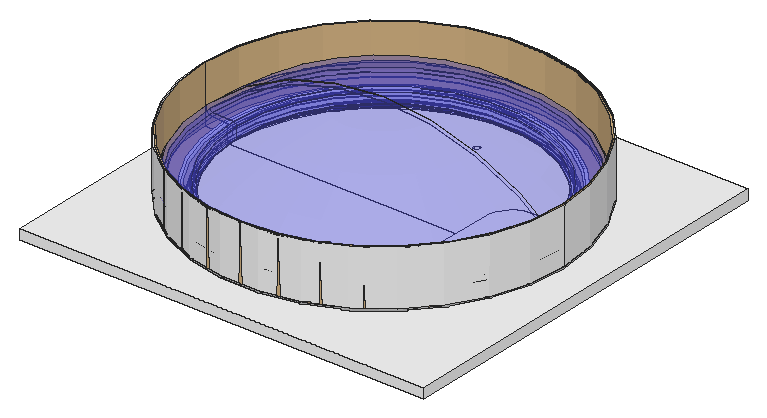
Revit family "BE_51078.4_de_DE", category Leuchten, Revit 2020
Family settings
  Basisbauteil = Fläche
  Bemaßung runder Anschluss = Durchmesser verwenden
  Teiletyp = Normal
  Beim Laden mit Abzugskörper schneiden = Ja
  Lichtquelle = Ja
  Gemeinsam genutzt = Nein
  Raumberechnungspunkt = Ja
Parameters (values of type "BEGA_51078.4_K3")
  built-in parameter 1150104 = 13.971 (stored number, unit not read)
  Wattage = 26.4 W
  Default Elevation = 0 mm
  built-in parameter 1150113 = 1 (stored number, unit not read)
  built-in parameter 1114218 = 1 (stored number, unit not read)
  Umgebungstemperatur = "25 °C"
  URL = "https://www.bega.com/de/produkt/51078.4"
  Typenkommentare = "© 2022 BEGA. Wir behalten uns das Recht vor, technische Änderungen ohne vorherige Ankündigung vorzunehmen."  # constant formula
  built-in parameter 1150134 = (empty or 0)
  built-in parameter 1150109 = 1 (stored number, unit not read)
  Strom = ""
  built-in parameter 1150110 = 1 (stored number, unit not read)
  Spannung = 239.996 V
  Sonderanfertigung = no
  Seriennummer [instance] = "Hier können Sie die eindeutige Seriennummer für das Facility Management eintragen."
  Schutzklasse = "I"
  Schutzart = "IP 20"
  Scheinlast = 0 VA
  Produktdatenblatt = "https://cdn.bega.com/bega/products/51078.4K3/current/documents/data-sheets/de"
  Oberflächentemperatur = ""
  Neigungswinkel = 0.00°
  Modell = "51078.4K3"
  Material_34 = BEGA_Oberfläche_Samtweiss_matt
  Material_31 = BEGA_Oberfläche_Messing_matt
  Material_14 = BEGA_Kunststoff_opal
  M_W = no
  M_G = no
  M_A = no
  Logo = 0
  built-in parameter 1114217 = 1 (stored number, unit not read)
  built-in parameter 1150139 = (empty or 0)
  built-in parameter 1150105 = 315.93 (stored number, unit not read)
  built-in parameter 1150114 = 1 (stored number, unit not read)
  Lumens = 3970.03 lm
  built-in parameter 1150115 = 1 (stored number, unit not read)
  Leuchtenlichtstrom = "2704 lm"
  Leuchtenanzahl = ""
  Lebensdauerkriterien = "L70B50 @ 25 °C = 195000 h"
  Lastklassifizierung = Beleuchtung
  built-in parameter 1150112 = 1 (stored number, unit not read)
  Lampenlichtstrom = "3970 lm"
  Lampe = "LED 26.4 W"
  LED_Modulbezeichnung = "LED-0510/930"
  Hersteller = "BEGA"  # constant formula
  Halbstreuwinkel = ""
  Gewicht = "2.35 kg"
  Gebrauchslageneinschränkung [instance] = ""
  Frequenz = "0/50-60 Hz"
  Farbwiedergabeindex = "CRI > 90"
  Farbtemperaturverschiebung bei Dämpfen der Lampe = <Keine Auswahl>
  Farbtemperatur = "3000 K"
  Color Filter = 16777215
  built-in parameter 1150133 = 10 (stored number, unit not read)
  Energieeffizienzklasse = "LED A++ - A"
  built-in parameter 1150137 = (empty or 0)
  built-in parameter 1150132 = (empty or 0)
  ENEC = ""
  Dimmbar [instance] = "DALI"
  Datei für fotometrisches Netz = "BE_51078-4K3.ies"
  CE_Konformität = "ja"
  Bestellnummer = "51078.4K3"
  Beschreibung_Sonderanfertigung = "Hier können Sie Informationen zur Sonderanfertigung eintragen."
  Beschreibung = "Deckenleuchte"
  built-in parameter 1150106 = 3.1593 (stored number, unit not read)
  Befestigungsbohrung = "Ø 5,5 mm"
  Befestigungsabstand = "230 mm"
  Ballwurfsicher = ""
  BEGA_Intern_aus = yes
  BEGA_Intern_an = yes
  BEGA_Intern_Konstruktion = yes
  BEGA_Intern = yes
  BEGA_IES = yes
  BEGA_Dummy = no
  Anschlussleitung = ""
  Anschlussleistung [instance] = "29.4 W"
  Anschlusskasten = ""
  built-in parameter 1150107 = 3000 (stored number, unit not read)
  built-in parameter 1150102 = (empty or 0)
  built-in parameter 1150138 = (empty or 0)
  Aktualisierung = "2022-12-16T04:00:04"
  Abstand_zur_angestrahlten_Fläche [instance] = ""
  AC/DC = "AC/DC"
Reference planes
  plane 1 "Mitte (Vorne/Hinten)": y = 0
  plane 2: z = 0
  plane 3 "Mitte (Links/Rechts)": x = 0
  plane 4 "Links": x = -179.192
  plane 5 "Rechts": x = 179.192
  plane 6 "Unten": y = -179.192
  plane 7 "Oben": y = 179.192
  plane 8 "Vorne": z = 99.046
  plane 9 "Hinten": z = 0
Forms (mm)
  Extrusion 1, solid, material "BEGA_Platte_Weiss"
    sketch origin (0, -1119.2, 0) x (1, 0, 0) y (0, 1, 0)
      loop
        line (-200, 1319.2) -> (-200, 919.2) -> (200, 919.2) -> (200, 1319.2) -> (-200, 1319.2)
    from 0 to -10
  Extrusion 2, solid, material "BEGA_Dummy_matt", visible <- "BEGA_Dummy"
    sketch origin (77.149, -76.023, 0) x (1, 0, 0) y (0, 1, 0)
      loop
        circle (-77.149, 76.023) r 179.192
    from 0 to 99.046
Dimensions and locks
  plane 1 "Mitte (Vorne/Hinten)" to Extrusion 1 = 200 mm
  aligned and locked: plane 2 to Extrusion 1
  aligned and locked: Extrusion 1 to level
Nested families
  nested 1: "BE_51078.4_Leuchte" at (0, 0, 0), type "BE_51078.4_Leuchte"
Connectors
  electrical at (0, 0, 0), driven by "Lastklassifizierung", driven by "Spannung", driven by "Scheinlast"
    settings: index 1, voltage 239.996 V, apparent load 0 VA, apparent load phase1 0 VA, apparent load phase2 0 VA, apparent load phase3 0 VA, power factor 1, load classification "Beleuchtung", number of poles 1, system type 31, power factor state 1, is connector primary yes, connector utility no, sub classification motor no, connector description ""
Definition of nested family "BE_51078.4_Leuchte"
  Parameters (values of type "BE_51078.4_Leuchte")
    Default Elevation = 1 mm
    URL = "http://www.bega.de/de/produkt"
    Type Comments = "© 2015 BEGA. Wir behalten uns das Recht vor, technische Änderungen ohne vorherige Ankündigung vorzunehmen. "  # constant formula
    Type Image = (empty or 0)
    Material_34 = none
    Material_31 = none
    Material_14 = none
    Länge_Platte = 200 mm  # constant formula
    Höhe_Platte = -10 mm  # constant formula
    Manufacturer = "BEGA"  # constant formula
    Breite_Platte = 200 mm  # constant formula
  Reference planes
    plane 1 "Mitte (Oben/Unten)": y = 0
    plane 2: z = 0
    plane 3 "Mitte (Links/Rechts)": x = 0
    plane 4: z = 99.046
    plane 5: z = 0
    plane 6: x = 179.192
    plane 7: x = -179.192
    plane 8: y = 179.192
    plane 9: y = -179.192
  Forms (mm)
    Extrusion 1, solid, detail levels medium
      sketch origin (0, 0, 0) x (1, 0, 0) y (0, 1, 0)
        loop
          line (-100, 100) -> (-100, -100) -> (100, -100) -> (100, 100) -> (-100, 100)
      from 0 to -10 <- "Höhe_Platte"
    Revolve 2, solid, material <- "Material_34"
      sketch origin (0, 0, 0) x (1, 0, 0) y (0, 0, 1)
        loop
          line (179.192, 66.993) -> (178.192, 66.997) -> (178.192, 11.994)
          arc (178.192, 11.994) -> (177.755, 10.939) -> (176.699, 10.501) r 1.493
          line (176.699, 10.501) -> (157.14, 10.501) -> (156.999, 2.422)
          arc (156.999, 2.422) -> (156.55, 1.414) -> (155.526, 1) r 1.474
          line (155.526, 1) -> (152, 1) -> (152, 0) -> (155.5, 0)
          arc (155.5, 0) -> (157.252, 0.717) -> (158, 2.456) r 2.5
          line (158, 2.456) -> (158.123, 9.5) -> (176.5, 9.5)
          arc (176.5, 9.5) -> (178.265, 10.229) -> (179, 11.991) r 2.5
          line (179, 11.991) -> (179.192, 66.993)
        axis (0, 0) -> (0, 66.997)
      angle from 0 to 360
    Revolve 3, solid, material <- "Material_34"
      sketch origin (0, 0, 0) x (1, 0, 0) y (0, 0, 1)
        loop
          arc (156.831, 21) -> (155.565, 20.486) -> (155.025, 19.231) r 1.8
          line (155.025, 19.231) -> (154.767, 4.483)
          arc (154.767, 4.483) -> (154.467, 3.786) -> (153.765, 3.5) r 1
          line (153.765, 3.5) -> (0, 3.5) -> (0, 2.5) -> (153.767, 2.5)
          arc (153.767, 2.5) -> (155.169, 3.073) -> (155.767, 4.465) r 2
          line (155.767, 4.465) -> (156.024, 19.214)
          arc (156.024, 19.214) -> (156.265, 19.772) -> (156.829, 20) r 0.8
          line (156.829, 20) -> (159, 20) -> (159, 21) -> (156.831, 21)
        axis (0, 2.5) -> (0, 21)
      angle from 0 to 360
    Extrusion 4, solid, material <- "Material_34"
      sketch origin (0, 0, 0) x (1, 0, 0) y (0, 1, 0)
        loop
          circle (0, 115) r 7.599
        loop
          circle (0, -115) r 7.599
      from 0 to 2.496
    Extrusion 5, void
      sketch origin (0, 0, 0) x (1, 0, 0) y (0, 1, 0)
        loop
          circle (0, 115) r 2.75
        loop
          circle (0, -115) r 2.75
      from 0 to 3.5
    Extrusion 6, solid, material <- "Material_34"
      sketch origin (0, 0, 0) x (1, 0, 0) y (0, 1, 0)
        loop
          arc (132.763, 31.165) -> (103.397, 51.798) -> (79.523, 25) r 26.977
          line (79.523, 25) -> (79.523, -25)
          arc (79.523, -25) -> (103.397, -51.798) -> (132.763, -31.165) r 26.977
          arc (132.763, -31.165) -> (136.372, 0) -> (132.763, 31.165) r 136.372
      from 0 to 10.372
    Extrusion 7, void
      sketch origin (0, 0, 0) x (1, 0, 0) y (0, 1, 0)
        loop
          circle (115, 20) r 5
        loop
          circle (115, -20) r 5
      from 0 to 10.378
    Revolve 8, solid, material <- "Material_14"
      sketch origin (0, 0, 0) x (1, 0, 0) y (0, 0, 1)
        loop
          line (0, 99) -> (0, 95.002)
          arc (0, 95.002) -> (91.349, 78.078) -> (170.572, 29.553) r 255
          arc (170.572, 29.553) -> (171.135, 27.446) -> (169.438, 26.077) r 2
          line (169.438, 26.077) -> (148.779, 24.994)
          arc (148.779, 24.994) -> (146.42, 24.057) -> (145.1, 21.889) r 4
          line (145.1, 21.889) -> (145.1, 11.674)
          arc (145.1, 11.674) -> (145.499, 10.179) -> (146.589, 9.081) r 3.001
          line (146.589, 9.081) -> (148.759, 7.828)
          arc (148.759, 7.828) -> (149.782, 6.844) -> (150.238, 5.5) r 3.001
          line (150.238, 5.5) -> (154.25, 5.5) -> (154.25, 8.816)
          arc (154.25, 8.816) -> (154.143, 9.216) -> (153.85, 9.509) r 0.8
          line (153.85, 9.509) -> (149.398, 12.079)
          arc (149.398, 12.079) -> (149.106, 12.374) -> (149, 12.775) r 0.8
          line (149, 12.775) -> (149, 17) -> (149, 20.051)
          arc (149, 20.051) -> (149.275, 20.739) -> (149.948, 21.05) r 1
          line (149.948, 21.05) -> (169.545, 22.077)
          arc (169.545, 22.077) -> (174.883, 26.053) -> (173.266, 32.51) r 6
          arc (173.266, 32.51) -> (92.793, 81.807) -> (0, 99) r 258.999
        axis (0, 5.5) -> (0, 99)
      angle from 0 to 360
    Revolve 9, solid, material <- "Material_31"
      sketch origin (0, 0, 0) x (1, 0, 0) y (0, 0, 1)
        loop
          line (178.194, 66.993) -> (177.194, 66.993) -> (177.194, 11.501) -> (156.157, 11.501) -> (155.991, 2) -> (152, 2) -> (152, 1) -> (155.577, 1)
          arc (155.577, 1) -> (156.582, 1.417) -> (156.999, 2.422) r 1.422
          line (156.999, 2.422) -> (157.14, 10.501) -> (176.699, 10.501)
          arc (176.699, 10.501) -> (177.756, 10.939) -> (178.194, 11.996) r 1.494
          line (178.194, 11.996) -> (178.194, 66.993)
        axis (0, 1) -> (0, 66.993)
      angle from 0 to 360
  Cuts and joins
    Extrusion 5, Extrusion 7 cuts Revolve 3
    Extrusion 5, Extrusion 7 cuts Extrusion 4
    Extrusion 7 cuts Extrusion 6
    joined: Revolve 3, Extrusion 4, Extrusion 6
  Dimensions and locks
    equal spacing: Extrusion 1 sketch curve, plane 3 "Mitte (Links/Rechts)", Extrusion 1 sketch curve
    equal spacing: Extrusion 1 sketch curve, plane 1 "Mitte (Oben/Unten)", Extrusion 1 sketch curve
    "Länge_Platte": Extrusion 1 sketch curve to Extrusion 1 sketch curve
    "Breite_Platte": Extrusion 1 sketch curve to Extrusion 1 sketch curve
    plane 1 "Mitte (Oben/Unten)" to Extrusion 1 = 100 mm  (x3)
    locked: plane 5 to level
    aligned and locked: plane 2 to Extrusion 1
    aligned and locked: level to Extrusion 1
  Automatic sketch dimensions
    Revolve 3 sketch curve to Revolve 3 sketch curve = 0 mm  (x12)
    Revolve 3 sketch curve to Revolve 3 sketch curve = 3.057 mm
    Revolve 3 sketch curve to Revolve 3 sketch curve = 0.004 mm
    Revolve 3 sketch curve to Revolve 3 sketch curve = 0.002 mm  (x2)
    Revolve 3 sketch curve to Revolve 3 sketch curve = 2.169 mm
    Revolve 3 sketch curve to Revolve 3 sketch curve = 14.7 mm
    Revolve 3 sketch curve to Revolve 3 sketch curve = 0.8 mm  (x2)
    Revolve 3 sketch curve to Revolve 3 sketch curve = 1 mm  (x4)
    Revolve 3 sketch curve to Revolve 3 sketch curve = 153.767 mm
    level to Revolve 3 sketch curve = 4.483 mm
    level to Revolve 3 sketch curve = 19.231 mm
    Revolve 3 sketch curve to Revolve 3 sketch curve = 1.8 mm
    level to Revolve 3 sketch curve = 4.465 mm
    level to Revolve 3 sketch curve = 19.214 mm
    Revolve 3 sketch curve to plane 3 "Mitte (Links/Rechts)" = 0 mm
    level to Revolve 3 sketch curve = 2.5 mm
    plane 1 "Mitte (Oben/Unten)" to Extrusion 6 sketch curve = 0 mm
    Extrusion 6 sketch curve to plane 3 "Mitte (Links/Rechts)" = 0 mm
    Extrusion 6 sketch curve to plane 1 "Mitte (Oben/Unten)" = 25 mm  (x2)
    plane 3 "Mitte (Links/Rechts)" to Extrusion 6 sketch curve = 106.5 mm
    Extrusion 6 sketch curve to Extrusion 6 sketch curve = 0 mm  (x2)
    plane 1 "Mitte (Oben/Unten)" to Extrusion 6 sketch curve = 25 mm  (x2)
    Extrusion 6 sketch curve to Extrusion 6 sketch curve = 26.977 mm
    Revolve 8 sketch curve to plane 3 "Mitte (Links/Rechts)" = 0.003 mm
    plane 3 "Mitte (Links/Rechts)" to Revolve 8 sketch curve = 0 mm
    level to Revolve 8 sketch curve = 28.069 mm
    Revolve 8 sketch curve to level = 159.999 mm
    Revolve 8 sketch curve to Revolve 8 sketch curve = 0.001 mm
    level to Revolve 8 sketch curve = 95.002 mm
    Revolve 8 sketch curve to Revolve 8 sketch curve = 0.314 mm
    Revolve 8 sketch curve to Revolve 8 sketch curve = 1.34 mm
    Revolve 8 sketch curve to Revolve 8 sketch curve = 2.694 mm
    Revolve 8 sketch curve to Revolve 8 sketch curve = 5.992 mm
    Revolve 8 sketch curve to Revolve 8 sketch curve = 0.003 mm
    Revolve 8 sketch curve to Revolve 8 sketch curve = 0.002 mm
    Revolve 8 sketch curve to Revolve 8 sketch curve = 0.207 mm
    Revolve 8 sketch curve to Revolve 8 sketch curve = 1.99 mm
    level to Revolve 8 sketch curve = 24.994 mm
    Revolve 8 sketch curve to Revolve 8 sketch curve = 20.659 mm
    level to Revolve 8 sketch curve = 21.05 mm
    Revolve 8 sketch curve to Revolve 8 sketch curve = 1.168 mm
    level to Revolve 8 sketch curve = 22.077 mm
    Revolve 8 sketch curve to Revolve 8 sketch curve = 0 mm  (x11)
    Revolve 8 sketch curve to Revolve 8 sketch curve = 0.948 mm
    Revolve 8 sketch curve to Revolve 8 sketch curve = 0.05 mm
    Revolve 8 sketch curve to Revolve 8 sketch curve = 3.9 mm  (x2)
    level to Revolve 8 sketch curve = 20.051 mm
    Revolve 8 sketch curve to Revolve 8 sketch curve = 1 mm
    level to Revolve 8 sketch curve = 17 mm
    Revolve 8 sketch curve to Revolve 8 sketch curve = 5.326 mm
    Revolve 8 sketch curve to Revolve 8 sketch curve = 0.8 mm  (x2)
    Revolve 8 sketch curve to Revolve 8 sketch curve = 4.229 mm
    Revolve 8 sketch curve to Revolve 8 sketch curve = 0.004 mm
    Revolve 8 sketch curve to Revolve 8 sketch curve = 0.398 mm
    level to Revolve 8 sketch curve = 9.509 mm
    Revolve 8 sketch curve to Revolve 8 sketch curve = 4.452 mm
    Revolve 8 sketch curve to Revolve 8 sketch curve = 0.4 mm
    Revolve 8 sketch curve to Revolve 8 sketch curve = 4.009 mm
    Revolve 8 sketch curve to Revolve 8 sketch curve = 0.693 mm
    Revolve 8 sketch curve to Revolve 8 sketch curve = 4.012 mm
    Revolve 8 sketch curve to Revolve 8 sketch curve = 2.99 mm
    Revolve 8 sketch curve to Revolve 8 sketch curve = 0.266 mm
    Revolve 8 sketch curve to Revolve 8 sketch curve = 1.479 mm
    level to Revolve 8 sketch curve = 9.081 mm
    Revolve 8 sketch curve to Revolve 8 sketch curve = 2.171 mm
    Revolve 8 sketch curve to Revolve 8 sketch curve = 1.297 mm
    Revolve 8 sketch curve to Revolve 8 sketch curve = 0.406 mm
    Revolve 8 sketch curve to plane 3 "Mitte (Links/Rechts)" = 0 mm
    Revolve 2 sketch curve to plane 3 "Mitte (Links/Rechts)" = 0 mm
    Revolve 2 sketch curve to level = 0 mm
    Revolve 2 sketch curve to plane 6 = 0 mm
    level to Revolve 2 sketch curve = 1 mm
    Revolve 2 sketch curve to plane 6 = 27.192 mm
    Revolve 2 sketch curve to Revolve 2 sketch curve = 3.5 mm
    Revolve 2 sketch curve to Revolve 2 sketch curve = 0.026 mm  (x2)
    level to Revolve 2 sketch curve = 2.422 mm
    Revolve 2 sketch curve to Revolve 2 sketch curve = 1.473 mm
    Revolve 2 sketch curve to Revolve 2 sketch curve = 0.141 mm
    level to Revolve 2 sketch curve = 9.5 mm
    Revolve 2 sketch curve to Revolve 2 sketch curve = 0.983 mm
    Revolve 2 sketch curve to Revolve 2 sketch curve = 0.199 mm  (x2)
    Revolve 2 sketch curve to Revolve 2 sketch curve = 1.001 mm  (x2)
    Revolve 2 sketch curve to Revolve 2 sketch curve = 1.493 mm
    Revolve 2 sketch curve to Revolve 2 sketch curve = 0.006 mm
    Revolve 2 sketch curve to plane 4 = 32.053 mm
    Revolve 2 sketch curve to Revolve 2 sketch curve = 0.003 mm
    Revolve 2 sketch curve to Revolve 2 sketch curve = 0 mm  (x6)
    level to Revolve 2 sketch curve = 2.456 mm
    Revolve 2 sketch curve to plane 6 = 0.192 mm
    Revolve 2 sketch curve to level = 609.6 mm
    level to Revolve 2 sketch curve = 0 mm
    plane 4 to Revolve 2 sketch curve = 2510.013 mm
    Revolve 2 sketch curve to plane 6 = 1 mm
    Revolve 9 sketch curve to plane 6 = 23.615 mm
    Revolve 9 sketch curve to Revolve 9 sketch curve = 0.415 mm
    level to Revolve 9 sketch curve = 11.501 mm
    Revolve 9 sketch curve to Revolve 9 sketch curve = 0.581 mm
    Revolve 9 sketch curve to Revolve 9 sketch curve = 1.008 mm
    Revolve 9 sketch curve to Revolve 9 sketch curve = 0.983 mm
    Revolve 9 sketch curve to plane 6 = 2.493 mm
    Revolve 9 sketch curve to Revolve 9 sketch curve = 0.494 mm
    Revolve 9 sketch curve to plane 6 = 0.998 mm
    Revolve 9 sketch curve to Revolve 9 sketch curve = 1 mm  (x2)
    Revolve 9 sketch curve to plane 4 = 32.053 mm
    Revolve 9 sketch curve to Revolve 9 sketch curve = 3.577 mm
    level to Revolve 9 sketch curve = 1 mm
